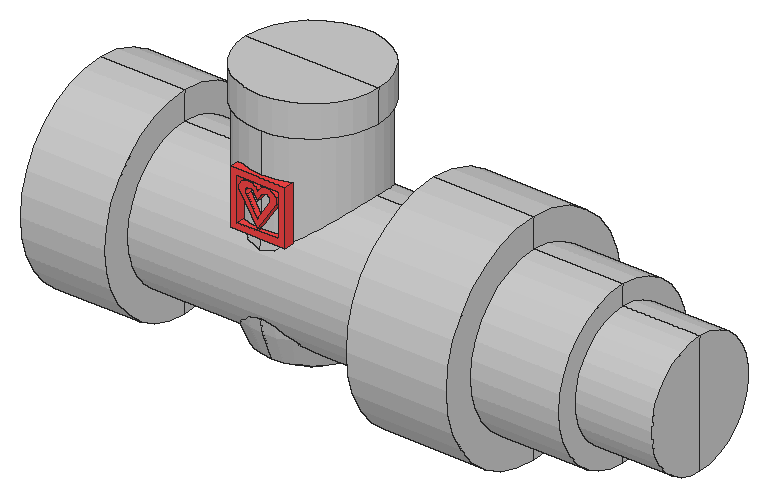
Revit family "Клапан запорный для отключения радиатора HERZ-RL-1, проходной 3723", category Rohrzubehör, Revit 2019
Family settings
  Bemaßung runder Anschluss = Durchmesser verwenden
  Teiletyp = Unterbricht
  OmniClass-Nummer = 23.65.55.14
  OmniClass-Titel = Valves for Liquid Services
  Arbeitsebenenbasiert = Nein
  Immer vertikal = Nein
  Beim Laden mit Abzugskörper schneiden = Nein
  Gemeinsam genutzt = Nein
Parameters
  Среда = "Качество воды в соответствии с ÖNORM H 5195 или директивой VDI 2035."
  Область применения = "Система водяного отопления. С помощью установки радиаторных запорных клапанов возможно осуществить перекрытие обратного потока нагревательных приборов. При одновременном перекрытии с клапаном на подающем трубопроводе возможен демонтаж радиатора в системе, которая находится под давлением. Промывку радиатора или ремонт помещения (оклеивание обоями, облицовку плиткой) можно проводить, не прерывая работу системы. Если требуется предварительная настройка клапанов для отключения радиаторов или заполнение и опорожнение радиаторов или системы при помощи данного клапана, рекомендуется установка клапана HERZ-RL-5."
  Номер заказа [instance] = size_lookup("3723_1_", "Artnr", 0, Nennweite)  # 1372342
  Макс. рабочее давление = 1000000.0 Pa  # constant formula
  Макс. рабочая температура = 120 °C  # constant formula
  Корпус = "Никелированная латунь"  # constant formula
  Исполнение = "Все модели поставляются в никелированном исполнении, это универсальные модели со специальной муфтой для резьбовой трубы и компрессионных фитингов."
  W01 = 60.00°  # constant formula
  URL = "www.herz-armaturen.ru"
  SCRNSEQ = "ARM;ARM_TYP=\"ALLF\";2"
  SCRNCODE = "05;01;02"  # constant formula
  S04 = 45.000 mm  # constant formula
  S03 = 61.000 mm  # constant formula
  S02 [instance] = L05 + L06 + L07  # 63.900 mm
  S01 = 10.000 mm  # constant formula
  R06 = 11.000 mm  # constant formula
  R05 = 25.000 mm  # constant formula
  R04 = 2.000 mm  # constant formula
  R03 = 28.000 mm  # constant formula
  R02 = 11.500 mm  # constant formula
  R01 = 10.500 mm  # constant formula
  Nennweite [instance] = 20.000 mm
  LO1 = 7.000 mm  # constant formula
  L07 [instance] = size_lookup("3723_1_", "L7", 1.000 mm, Nennweite)  # 27.400 mm
  L06 [instance] = size_lookup("3723_1_", "L6", 1.000 mm, Nennweite)  # 16.500 mm
  L05 [instance] = L02 - L04  # 20.000 mm
  L04 [instance] = size_lookup("3723_1_", "L4", 1.000 mm, Nennweite)  # 10.000 mm
  L03 [instance] = size_lookup("3723_1_", "L3", 1.000 mm, Nennweite)  # 14.000 mm
  L02 [instance] = size_lookup("3723_1_", "L2", 1.000 mm, Nennweite)  # 30.000 mm
  L01 [instance] = size_lookup("3723_1_", "L1", 1.000 mm, Nennweite)  # 35.000 mm
  Hersteller = "HERZ Armaturen Ges.m.b.H."  # constant formula
  H05 = 5.200 mm  # constant formula
  H04 = 3.500 mm  # constant formula
  H03 = 28.000 mm  # constant formula
  H02 [instance] = 25.500 mm  # constant formula
  H01 = 17.000 mm  # constant formula
  GTI [instance] = size_lookup("3723_1_", "GT1", 1.000 mm, Nennweite)  # 12.700 mm
  GT [instance] = size_lookup("3723_1_", "GT", 1.000 mm, Nennweite)  # 9.500 mm
  G2 [instance] = Nennweite / 2  # 10.000 mm
  G1 [instance] = Nennweite / 2  # 10.000 mm
  D05 [instance] = size_lookup("3723_1_", "D5", 1.000 mm, Nennweite)  # 13.220 mm
  D04 [instance] = size_lookup("3723_1_", "D4", 1.000 mm, Nennweite)  # 18.000 mm
  D03 [instance] = size_lookup("3723_1_", "D3", 1.000 mm, Nennweite)  # 13.000 mm
  D02 [instance] = size_lookup("3723_1_", "D2", 1.000 mm, Nennweite)  # 12.000 mm
  D01 [instance] = size_lookup("3723_1_", "D1", 1.000 mm, Nennweite)  # 16.500 mm
Reference planes
  plane 1 "Mitte (Vorne/hinten)": y = 0
  plane 2: z = 0
  plane 3 "Mitte (Links/rechts)": x = 0
Forms (mm)
  Revolve 1, solid, material "Messing, weicher Gelbton, geschweißt", detail levels fine
    sketch origin (0, 0, 0) x (1, 0, 0) y (0, 0, 1)
      loop
        line (-25.5, 0) -> (30, 0) -> (30, 13) -> (20, 13) -> (20, 12) -> (-21, 12) -> (-21, 16.5) -> (-35, 16.5) -> (-35, 10) -> (-25.5, 10) -> (-25.5, 0)
      axis (-35, 0) -> (30, 0)
    angle from 0 to 360
  Revolve 2, solid, material "Messing, weicher Gelbton, geschweißt", detail levels fine
    sketch origin (0, 0, 0) x (0, 1, 0) y (0, 0, 1)
      loop
        line (0, 25.5) -> (-10.5, 25.5) -> (-10.5, 7)
        arc (-10.5, 7) -> (-11.341, -2.816) -> (-8.325, -12.194) r 25
        line (-8.325, -12.194) -> (0, -17) -> (0, 25.5)
      axis (0, -17) -> (0, 25.5)
    angle from 0 to 360
  Revolve 3, solid, material "Messing, weicher Gelbton, geschweißt", detail levels fine
    sketch origin (0, 0, 0) x (1, 0, 0) y (0, 0, 1)
      loop
        line (30, 0) -> (63.9, 0) -> (63.9, 10) -> (51.2, 10) -> (51.2, 13.22) -> (36.5, 13.22) -> (36.5, 18) -> (20, 18) -> (20, 13) -> (30, 13) -> (30, 0)
      axis (20, 0) -> (63.9, 0)
    angle from 0 to 360
  Revolve 4, solid, material "Messing, weicher Gelbton, geschweißt", detail levels fine
    sketch origin (0, 0, 0) x (1, 0, 0) y (0, 0, 1)
      loop
        line (0, 22.8) -> (11, 22.8) -> (11, 28) -> (0, 28) -> (0, 22.8)
      axis (0, 28) -> (0, 22.8)
    angle from 0 to 360
Lines and regions (mm)
  model lines, detail levels coarse+medium
    curve 1: line (-35, 0, 16.5) -> (-35, 0, -16.5)
    curve 2: line (-35, 0, -16.5) -> (35, 0, 16.5)
    curve 3: line (35, 0, 16.5) -> (35, 0, -16.5)
    curve 4: line (35, 0, -16.5) -> (-35, 0, 16.5)
    curve 5: line (35, 0, 16.5) -> (45, 0, 16.5)
    curve 6: line (45, 0, 16.5) -> (35, 0, 0)
    curve 7: line (35, 0, -16.5) -> (45, 0, -16.5)
    curve 8: line (45, 0, -16.5) -> (35, 0, 0)
    curve 9: line (35, 0, 0) -> (63.9, 0, 0)
    curve 10: line (-35, 16.5, 0) -> (-35, -16.5, 0)
    curve 11: line (-35, -16.5, 0) -> (35, 16.5, 0)
    curve 12: line (35, 16.5, 0) -> (35, -16.5, 0)
    curve 13: line (35, -16.5, 0) -> (-35, 16.5, 0)
    curve 14: line (35, 16.5, 0) -> (45, 16.5, 0)
    curve 15: line (45, 16.5, 0) -> (35, 0, 0)
    curve 16: line (35, -16.5, 0) -> (45, -16.5, 0)
    curve 17: line (45, -16.5, 0) -> (35, 0, 0)
Dimensions and locks
  "L01": Revolve 1 sketch curve to plane 3 "Mitte (Links/rechts)"
  "L02": Revolve 1 sketch curve to plane 3 "Mitte (Links/rechts)"
  "G1": Revolve 1 sketch curve to plane 2
  "GT": Revolve 1 sketch curve to Revolve 1 sketch curve
  "D01": Revolve 1 sketch curve to Revolve 1 sketch curve
  "D02": Revolve 1 sketch curve to Revolve 1 sketch curve
  "D03": Revolve 1 sketch curve to Revolve 1 sketch curve
  "L03": Revolve 1 sketch curve to Revolve 1 sketch curve
  "L04": Revolve 1 sketch curve to Revolve 1 sketch curve
  "H01": plane 2 to Revolve 2 sketch curve
  "H02": Revolve 2 sketch curve to plane 2
  "R01": Revolve 2 sketch curve to plane 1 "Mitte (Vorne/hinten)"
  "R02": Revolve 2 sketch curve to plane 1 "Mitte (Vorne/hinten)"
  "D03": Revolve 3 sketch curve to plane 2
  "L04": Revolve 3 sketch curve to Revolve 3 sketch curve
  "L05": Revolve 3 sketch curve to plane 3 "Mitte (Links/rechts)"
  "L06": Revolve 3 sketch curve to Revolve 3 sketch curve
  "L07": Revolve 3 sketch curve to Revolve 3 sketch curve
  "D04": Revolve 3 sketch curve to Revolve 3 sketch curve
  "G2": Revolve 3 sketch curve to Revolve 3 sketch curve
  "D05": Revolve 3 sketch curve to Revolve 3 sketch curve
  "GTI": Revolve 3 sketch curve to Revolve 3 sketch curve
  "LO1": nested 1 to plane 2
  "D01": curve 4 to plane 2 to curve 2
  "D01": curve 3 to plane 2 to curve 4
  "L01": curve 1 to plane 3 "Mitte (Links/rechts)" to curve 3
  "S01": curve 3 to curve 6
  "S02": curve 9 to plane 3 "Mitte (Links/rechts)"
  "L01": curve 10 to plane 3 "Mitte (Links/rechts)" to curve 12
  "D01": curve 11 to plane 1 "Mitte (Vorne/hinten)" to curve 13
  "D01": curve 13 to plane 1 "Mitte (Vorne/hinten)" to curve 12
  "S01": curve 12 to curve 15
  "S01": curve 12 to curve 17
  "H03": Revolve 4 sketch curve to plane 2
  "H05": Revolve 4 sketch curve to Revolve 4 sketch curve
  "R06": Revolve 4 sketch curve to Revolve 4 sketch curve
  "R05": radius of Revolve 2 sketch curve
  "W01": angle Revolve 2 sketch curve to Revolve 2 sketch curve
  aligned and locked: level to plane 2
Automatic sketch dimensions
  curve 9 to level = 0.000 mm
  curve 3 to curve 8 = 10.000 mm
  plane 1 "Mitte (Vorne/hinten)" to curve 17 = 0.000 mm
  Revolve 1 sketch curve to level = 0.000 mm  (x2)
  Revolve 1 sketch curve to Revolve 1 sketch curve = 1436.530 mm
  Revolve 1 sketch curve to Revolve 1 sketch curve = 1779.148 mm
  Revolve 2 sketch curve to plane 1 "Mitte (Vorne/hinten)" = 0.000 mm  (x2)
  Revolve 2 sketch curve to level = 0.000 mm
  Revolve 2 sketch curve to Revolve 2 sketch curve = 98.333 mm
  Revolve 2 sketch curve to Revolve 2 sketch curve = 1236.335 mm
  Revolve 3 sketch curve to level = 0.000 mm  (x2)
  Revolve 3 sketch curve to plane 3 "Mitte (Links/rechts)" = 1506.530 mm
  Revolve 3 sketch curve to Revolve 3 sketch curve = 1789.648 mm
  Revolve 4 sketch curve to plane 3 "Mitte (Links/rechts)" = 0.000 mm  (x2)
  Revolve 4 sketch curve to level = 366.045 mm
  Revolve 4 sketch curve to Revolve 4 sketch curve = 2188.615 mm
Nested families
  nested 1: "Herz-Logo-vorne" at (0, -10.5, 11.5) x (0, 1, 0) z (0, 0, 1), type "Herz-Logo-vorne", detail levels fine
Connectors
  piping at (-25.5, 0, 0), diameter 20, driven by "Nennweite"
    settings: on Revolve 1, index 1, connector inside diameter 609.6 mm, connector length 0.000 mm, flow factor 0, pipe flow 0.0 L/s, pressure drop 0.0 Pa, fitting loss kfactor 0, connector angle 0.00°, fixture units 0, engagement length 0.000 mm, angle of deflection 0.00°, flow configuration 0, flow direction 1, fitting loss method 0, system type 8, joint type 0, gender type 0, connector reference index -1, connector utility 0, adjustable connector no, is connector primary yes, connector description ""
  piping at (63.9, 0, 0), diameter 20, driven by "Nennweite"
    settings: on Revolve 3, index 2, connector inside diameter 609.6 mm, connector length 0.000 mm, flow factor 0, pipe flow 0.0 L/s, pressure drop 0.0 Pa, fitting loss kfactor 0, connector angle 0.00°, fixture units 0, engagement length 0.000 mm, angle of deflection 0.00°, flow configuration 0, flow direction 2, fitting loss method 0, system type 8, joint type 0, gender type 0, connector reference index -1, connector utility 0, adjustable connector no, is connector primary no, connector description ""
Definition of nested family "Herz-Logo-vorne"
  Reference planes
    plane 1 "Mitte (Vorne/hinten)": y = 0
    plane 2: z = 0
    plane 3 "Mitte (Links/rechts)": x = 0
  Forms (mm)
    Extrusion 1, solid
      sketch origin (0.732, -0.018, 0.017) x (0, -1, 0) y (0, 0, 1)
        loop
          line (-0.018, -4.517) -> (4.482, -4.517) -> (4.482, 4.483) -> (-4.518, 4.483) -> (-4.518, -4.517) -> (-0.018, -4.517)
        loop
          line (-0.05, -3.48) -> (3.482, -3.48) -> (3.482, 3.483) -> (-3.518, 3.483) -> (-3.518, -3.48) -> (-0.05, -3.48)
        loop
          arc (-0.018, 2.383) -> (-1.543, 3.287) -> (-3.067, 2.383) r 1.738
          arc (-3.067, 2.383) -> (-3.191, 1.899) -> (-3.067, 1.415) r 1.009
          line (-3.067, 1.415) -> (-0.018, -3.281) -> (3.032, 1.415)
          arc (3.032, 1.415) -> (3.156, 1.899) -> (3.032, 2.383) r 1.009
          arc (3.032, 2.383) -> (1.507, 3.287) -> (-0.018, 2.383) r 1.738
        loop
          arc (1.885, 1.272) -> (2.005, 1.675) -> (1.885, 2.079) r 0.74
          arc (1.885, 2.079) -> (1.265, 2.416) -> (0.644, 2.079) r 0.74
          line (0.644, 2.079) -> (-0.018, 0.97) -> (-0.679, 2.079)
          arc (-0.679, 2.079) -> (-1.3, 2.416) -> (-1.921, 2.079) r 0.74
          arc (-1.921, 2.079) -> (-2.04, 1.675) -> (-1.921, 1.272) r 0.74
          line (-1.921, 1.272) -> (-0.018, -1.658) -> (1.885, 1.272)
      from 0 to 1.5
  Dimensions and locks
    aligned and locked: level to plane 2
